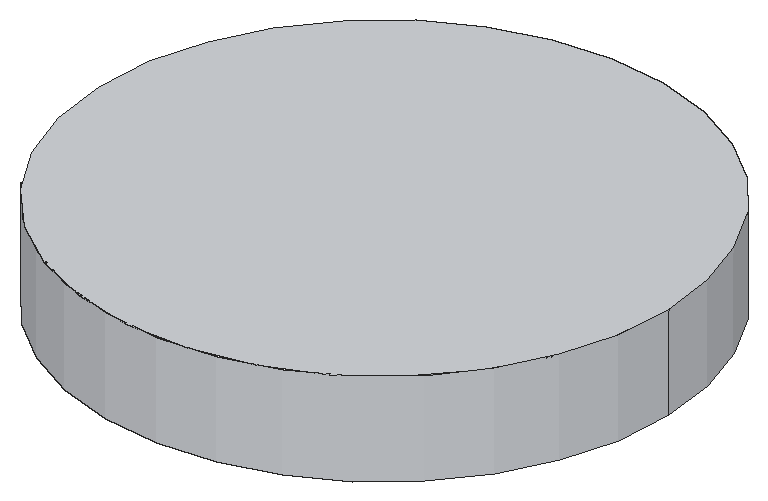
Revit family "Crop-Circle", category Generic Models, Revit 2020
Family settings
  Can host rebar = No
  Round Connector Dimension = Use Diameter
  Part Type = Normal
  Work Plane-Based = No
  Always vertical = Yes
  Cut with Voids When Loaded = No
  Shared = Yes
  Room Calculation Point = No
Parameters (values of type "Hanger")
  URL = ""
  PointNumber [instance] = ""
  PointElement [instance] = ""
  PointDescription [instance] = "Hanger Pt"
  Manufacturer = "Autodesk Inc."
  LinkedParam [instance] = ""
  Height [instance] = 0' - 1"
  Diameter [instance] = 0' - 6"
  Default Elevation = 0' - 0"
Types (2): name | PointDescription | Diameter
  Seismic | "Seismic Pt" | 1' - 6"
  Hanger | "Hanger Pt" | 0' - 6"
Reference planes (in)
  plane 1 "Center (Front/Back)": y = 0
  plane 2: z = 0
  plane 3 "Center (Left/Right)": x = 0
Forms (in)
  Extrusion 1, solid
    sketch origin (-1.8271, -0.30619, 0) x (1, 0, 0) y (0, 1, 0)
      loop
        circle (1.8271, 0.30619) r 3
    from 0 to 1 <- "Height"
Dimensions and locks (in)
  "Diameter": diameter of Extrusion 1 sketch curve
Automatic sketch dimensions
  plane 1 "Center (Front/Back)" to Extrusion 1 sketch curve = 0' - 0"
  Extrusion 1 sketch curve to plane 3 "Center (Left/Right)" = 0' - 0"
Nested families (in)
  nested 1: "GTP" at (0, 0, 0), type "Sleeve Pt"
    with PointRole "Stake Out", PointNumber "", PointElement "", PointDescription "Sleeve Pt", LinkedParam ""
Definition of nested family "GTP"
  Parameters (values of type "Sleeve Pt")
    URL = ""
    PointRole [instance] = "Stake Out"
    PointNumber [instance] = ""
    PointElement [instance] = ""
    PointDescription [instance] = "Sleeve Pt"
    Manufacturer = "Autodesk Inc."
    LinkedParam [instance] = ""
    Default Elevation = 0' - 0"
  Reference planes (in)
    plane 1 "Center (Front/Back)": y = 0
    plane 2: z = 0
    plane 3 "Center (Left/Right)": x = 0
  Forms (in)
    Extrusion 1, solid, detail levels medium+fine
      sketch origin (0, 0, 0) x (1, 0, 0) y (0, 1, 0)
        loop
          line (0.5, -0.5) -> (0.5, 0.5) -> (-0.5, 0.5) -> (-0.5, -0.5) -> (0.5, -0.5)
      from -0.5 to 0.5
  Lines and regions (in)
    model lines, detail levels coarse+medium
      curve 1: line (0, 0.5, 0) -> (0, 0, 0)
      curve 2: line (-0.5, 0, 0) -> (0, 0, 0)
      curve 3: line (0, 0, -0.5) -> (0, 0, 0)
      curve 4: line (0, 0, 0) -> (0.5, 0, 0)
      curve 5: line (0, 0, 0) -> (0, -0.5, 0)
      curve 6: line (0, 0, 0) -> (0, 0, 0.5)
